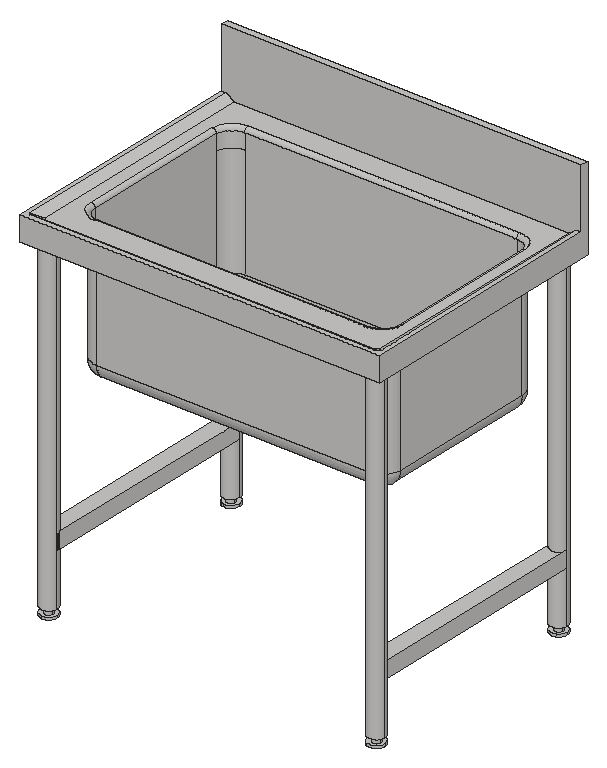
Revit family
Parameters (values of type "900 X 650 Center Single Bowl")
  Depth Of Bowl = 380 mm
  Width Of Bowl = 460 mm
  Length Of Bowl = 760 mm
  Waste Connection Radius = Waste Connection Diameter / 2  # 20 mm
  Waste Connection Diameter = 40 mm
  WFU = 0
  URL = "http://www.autospec.co.za/browse.php?id=1644179283"
  Product Code = "None"
  OmniClass Title = ""
  OmniClass Number = ""
  Modspec Classification = ""
  Specification = ""
  Location (revit room) = ""
  Material = Stainless Steel Grade 304
  Description = ""
  Colour = none
  Body Finish = none
  Splashback Height = 150 mm
  Width = 650 mm
  Model = "Pot Sink Single Bowl Series KP1-900 X 650"
  Manufacturer = "Kwikot"  # constant formula
  Length = 900 mm
  Height = 1050 mm
  Assembly Code = "E1090300"
Reference planes
  plane 1 "Center (Front/Back)": y = 0
  plane 2 "Bottom": z = 0
  plane 3 "Center (Left/Right)": x = 0
  plane 4 "Left": x = -450
  plane 5 "Right": x = 450
  plane 6 "Front": y = -650
  plane 7 "Top": z = 1050
  plane 8: z = 900
  plane 9: z = 840
  plane 10: z = 520
  plane 11: y = -320
  plane 12: x = -280
  plane 13: x = -375
  plane 14: x = 385
  plane 15: y = -90
  plane 16: y = -550
Forms (mm)
  Extrusion 1, solid, material "Stainless Steel Grade 304" <- "Material"
    sketch origin (-450, -491, 4000) x (0, -1, 0) y (0, 0, 1)
      loop
        line (-491, -3160) -> (159, -3160) -> (159, -3100) -> (-471, -3100) -> (-471, -2950) -> (-491, -2950) -> (-491, -3160)
    from 0 to -900
  Blend 2, void
    base sketch origin (-779.234, -1524, 900) x (0, -1, 0) y (1, 0, 0)
      loop
        arc (-891, 341.234) -> (-887.464, 342.698) -> (-886, 346.234) r 5
        line (-886, 346.234) -> (-886, 1212.234)
        arc (-886, 1212.234) -> (-887.464, 1215.769) -> (-891, 1217.234) r 5
        line (-891, 1217.234) -> (-1504, 1217.234) -> (-1504, 341.234) -> (-891, 341.234)
    top sketch origin (-779.234, -1524, 900) x (0, -1, 0) y (1, 0, 0)
      loop
        line (-1504, 361.234) -> (-911, 361.234)
        arc (-911, 361.234) -> (-907.464, 362.698) -> (-906, 366.234) r 5
        line (-906, 366.234) -> (-906, 1192.234)
        arc (-906, 1192.234) -> (-907.464, 1195.769) -> (-911, 1197.234) r 5
        line (-911, 1197.234) -> (-1504, 1197.234) -> (-1504, 361.234)
    from 0 to -12
  Extrusion 3, void
    sketch origin (-779.234, -1524, 840) x (0, -1, 0) y (-1, 0, 0)
      loop
        line (-1434, -444.234) -> (-1434, -1124.234)
        arc (-1434, -1124.234) -> (-1422.284, -1152.518) -> (-1394, -1164.234) r 40
        line (-1394, -1164.234) -> (-1014, -1164.234)
        arc (-1014, -1164.234) -> (-985.716, -1152.518) -> (-974, -1124.234) r 40
        line (-974, -1124.234) -> (-974, -444.234)
        arc (-974, -444.234) -> (-985.716, -415.949) -> (-1014, -404.234) r 40
        line (-1014, -404.234) -> (-1394, -404.234)
        arc (-1394, -404.234) -> (-1422.284, -415.949) -> (-1434, -444.234) r 40
    from 0 to -60
  Sweep 4, solid, material "Stainless Steel Grade 304" <- "Material"
    path origin (-779.234, -1524, 900) x (-1, 0, 0) y (0, -1, 0)
      loop
        line (-404.234, -1394) -> (-404.234, -1014)
        arc (-404.234, -1014) -> (-415.949, -985.716) -> (-444.234, -974) r 40
        line (-444.234, -974) -> (-1124.234, -974)
        arc (-1124.234, -974) -> (-1152.518, -985.716) -> (-1164.234, -1014) r 40
        line (-1164.234, -1014) -> (-1164.234, -1394)
        arc (-1164.234, -1394) -> (-1152.518, -1422.284) -> (-1124.234, -1434) r 40
        line (-1124.234, -1434) -> (-444.234, -1434)
        arc (-444.234, -1434) -> (-415.949, -1422.284) -> (-404.234, -1394) r 40
    profile origin (-375, -320, 900) x (1, 0, 0) y (0, 0, 1)
      loop
        line (0, -12) -> (-5, -12) -> (-5, -340)
        arc (-5, -340) -> (6.716, -368.284) -> (35, -380) r 40
        line (35, -380) -> (35, -375)
        arc (35, -375) -> (10.251, -364.749) -> (0, -340) r 35
        line (0, -340) -> (0, -12)
  Blend 5, solid, material "Stainless Steel Grade 304" <- "Material"
    base sketch origin (-779.234, -1524, 520) x (-1, 0, 0) y (0, -1, 0)
      loop
        circle (-499.234, -1204) r 26
    top sketch origin (-779.234, -1524, 520) x (-1, 0, 0) y (0, -1, 0)
      loop
        circle (-499.234, -1204) r 20
    from 0 to -5
  Extrusion 6, solid, material "Stainless Steel Grade 304" <- "Material"
    sketch origin (-779.234, -1524, 520) x (-1, 0, 0) y (0, -1, 0)
      loop
        arc (-439.234, -1014) -> (-440.698, -1010.464) -> (-444.234, -1009) r 5
        line (-444.234, -1009) -> (-1124.234, -1009)
        arc (-1124.234, -1009) -> (-1127.769, -1010.464) -> (-1129.234, -1014) r 5
        line (-1129.234, -1014) -> (-1129.234, -1394)
        arc (-1129.234, -1394) -> (-1127.769, -1397.536) -> (-1124.234, -1399) r 5
        line (-1124.234, -1399) -> (-444.234, -1399)
        arc (-444.234, -1399) -> (-440.698, -1397.536) -> (-439.234, -1394) r 5
        line (-439.234, -1394) -> (-439.234, -1014)
      loop
        circle (-499.234, -1204) r 26
    from 0 to 5
  Sweep 7, void
    path origin (-779.234, -1524, 900) x (-1, 0, 0) y (0, -1, 0)
      loop
        line (-404.234, -1394) -> (-404.234, -1014)
        arc (-404.234, -1014) -> (-415.949, -985.716) -> (-444.234, -974) r 40
        line (-444.234, -974) -> (-1124.234, -974)
        arc (-1124.234, -974) -> (-1152.518, -985.716) -> (-1164.234, -1014) r 40
        line (-1164.234, -1014) -> (-1164.234, -1394)
        arc (-1164.234, -1394) -> (-1152.518, -1422.284) -> (-1124.234, -1434) r 40
        line (-1124.234, -1434) -> (-444.234, -1434)
        arc (-444.234, -1434) -> (-415.949, -1422.284) -> (-404.234, -1394) r 40
    profile origin (-375, -320, 900) x (1, 0, 0) y (0, 0, 1)
      loop
        line (0, -12) -> (-10, -12)
        arc (-10, -12) -> (-2.929, -14.929) -> (0, -22) r 10
        line (0, -22) -> (0, -12)
  Extrusion 8, solid, material "Stainless Steel Grade 304" <- "Material"
    sketch origin (0, 0, 0) x (1, 0, 0) y (0, 1, 0)
      loop
        circle (-410, -610) r 21
      loop
        circle (-410, -40) r 21
      loop
        circle (410, -610) r 21
      loop
        circle (410, -40) r 21
    from 0 to 5
  Extrusion 9, solid, material "Stainless Steel Grade 304" <- "Material"
    sketch origin (0, 0, 0) x (1, 0, 0) y (0, 1, 0)
      loop
        circle (410, -610) r 10
      loop
        circle (-410, -610) r 10
      loop
        circle (-410, -40) r 10
      loop
        circle (410, -40) r 10
    from 5 to 20
  Extrusion 10, solid, material "Stainless Steel Grade 304" <- "Material"
    sketch origin (-779.234, -1524, 840) x (-1, 0, 0) y (0, -1, 0)
      loop
        circle (-1189.234, -1484) r 21
      loop
        circle (-369.234, -1484) r 21
      loop
        circle (-369.234, -914) r 21
      loop
        circle (-1189.234, -914) r 21
    from 0 to -820
  Extrusion 11, solid, material "Stainless Steel Grade 304" <- "Material"
    sketch origin (0, 0, 0) x (1, 0, 0) y (0, 1, 0)
      loop
        line (-431, -40) -> (-431, -610)
        arc (-431, -610) -> (-410, -589) -> (-389, -610) r 21
        line (-389, -610) -> (-389, -40)
        arc (-389, -40) -> (-410, -61) -> (-431, -40) r 21
      loop
        line (431, -610) -> (431, -40)
        arc (431, -40) -> (410, -61) -> (389, -40) r 21
        line (389, -40) -> (389, -610)
        arc (389, -610) -> (410, -589) -> (431, -610) r 21
    from 150 to 190
Cuts and joins
  Blend 2, Extrusion 3, Sweep 7 cuts Extrusion 1
  Sweep 7 cuts Sweep 4
  Sweep 7 cuts Extrusion 6
  joined: Extrusion 1, Sweep 4, Extrusion 6
Lines and regions (mm)
  symbolic lines
    curve 1: line (-450, 0, 750) -> (-450, -650, 750)
    curve 2: line (450, 0, 750) -> (-450, 0, 750)
    curve 3: line (450, -650, 750) -> (450, 0, 750)
    curve 4: line (-450, -650, 750) -> (450, -650, 750)
    curve 5: line (-450, -20, 750) -> (450, -20, 750)
    curve 6: line (-438, -633, 1050) -> (-438, -20, 1050)
    curve 7: arc (-433, -638, 1050) -> (-436.536, -636.536, 1050) -> (-438, -633, 1050) r 5
    curve 8: line (433, -638, 1050) -> (-433, -638, 1050)
    curve 9: line (-418, -20, 1050) -> (-418, -613, 1050)
    curve 10: arc (-418, -613, 1050) -> (-416.536, -616.536, 1050) -> (-413, -618, 1050) r 5
    curve 11: line (-413, -618, 1050) -> (413, -618, 1050)
    curve 12: arc (413, -618, 1050) -> (416.536, -616.536, 1050) -> (418, -613, 1050) r 5
    curve 13: line (418, -613, 1050) -> (418, -20, 1050)
    curve 14: arc (438, -633, 1050) -> (436.536, -636.536, 1050) -> (433, -638, 1050) r 5
    curve 15: line (438, -20, 1050) -> (438, -633, 1050)
    curve 16: line (345, -550, 1050) -> (-335, -550, 1050)
    curve 17: arc (-335, -550, 1050) -> (-363.284, -538.284, 1050) -> (-375, -510, 1050) r 40
    curve 18: line (-375, -510, 1050) -> (-375, -130, 1050)
    curve 19: arc (-375, -130, 1050) -> (-363.284, -101.716, 1050) -> (-335, -90, 1050) r 40
    curve 20: line (-335, -90, 1050) -> (345, -90, 1050)
    curve 21: arc (345, -90, 1050) -> (373.284, -101.716, 1050) -> (385, -130, 1050) r 40
    curve 22: line (385, -130, 1050) -> (385, -510, 1050)
    curve 23: arc (385, -510, 1050) -> (373.284, -538.284, 1050) -> (345, -550, 1050) r 40
  symbolic lines, detail levels fine
    curve 24: arc (-254, -320, 1050) -> (-280, -346, 1050) -> (-306, -320, 1050) r 26
    curve 25: arc (-306, -320, 1050) -> (-280, -294, 1050) -> (-254, -320, 1050) r 26
Dimensions and locks
  equal spacing: plane 4 "Left", plane 3 "Center (Left/Right)", plane 5 "Right"
  "Length": plane 4 "Left" to plane 5 "Right"
  "Width": plane 1 "Center (Front/Back)" to plane 6 "Front"
  "Height": plane 7 "Top" to level
  "Splashback Height": plane 7 "Top" to plane 8
  Blend 2 sketch curve to plane 6 "Front" = 12 mm
  plane 11 to plane 1 "Center (Front/Back)" = 320 mm
  Blend 2 sketch curve to var sketch = 20 mm  (x2)
  var sketch to Blend 2 sketch curve = 20 mm
  "Depth Of Bowl": plane 8 to plane 10
  plane 4 "Left" to plane 12 = 170 mm
  "Length Of Bowl": plane 13 to plane 14
  "Width Of Bowl": plane 15 to plane 16
  plane 14 to plane 5 "Right" = 65 mm
  plane 8 to plane 9 = 60 mm
  plane 4 "Left" to Extrusion 8 sketch curve = 40 mm  (x2)
  Extrusion 8 sketch curve to plane 6 "Front" = 40 mm  (x2)
  Extrusion 8 sketch curve to plane 1 "Center (Front/Back)" = 40 mm  (x2)
  Extrusion 8 sketch curve to plane 5 "Right" = 40 mm  (x2)
  Extrusion 9 sketch curve to plane 1 "Center (Front/Back)" = 40 mm  (x2)
  plane 4 "Left" to Extrusion 9 sketch curve = 40 mm  (x2)
  Extrusion 9 sketch curve to plane 6 "Front" = 40 mm  (x2)
  Extrusion 9 sketch curve to plane 5 "Right" = 40 mm  (x2)
  Extrusion 11 to plane 2 "Bottom" = 150 mm
  equal spacing: plane 15, plane 11, plane 16
  radius of Extrusion 3 sketch curve = 40 mm  (x4)
  radius of Extrusion 6 sketch curve = 26 mm
  "Waste Connection Radius": radius of Blend 5 sketch curve
  radius of Extrusion 8 sketch curve = 21 mm  (x4)
  radius of Extrusion 9 sketch curve = 10 mm  (x4)
  aligned and locked: level to plane 2 "Bottom"
  aligned and locked: Extrusion 1 sketch curve to plane 9
  aligned and locked: Extrusion 1 sketch curve to plane 1 "Center (Front/Back)"
  aligned and locked: plane 8 to Extrusion 1 sketch curve
  aligned and locked: Extrusion 1 sketch curve to plane 6 "Front"
  aligned and locked: plane 7 "Top" to Extrusion 1 sketch curve
  aligned and locked: plane 4 "Left" to Extrusion 1
  aligned and locked: Extrusion 1 to plane 5 "Right"
  aligned and locked: var sketch to Blend 2 sketch curve
  aligned and locked: plane 8 to Extrusion 3
  aligned and locked: Extrusion 3 to plane 9
  aligned and locked: Sweep 4 sketch curve to cut or joined group of Extrusion 1, Blend 2, Extrusion 3, Sweep 4, Extrusion 6, Sweep 7  (x6)
  aligned and locked: curve 7 to cut or joined group of Extrusion 1, Blend 2, Extrusion 3, Sweep 4, Extrusion 6, Sweep 7
  aligned and locked: curve 9 to cut or joined group of Extrusion 1, Blend 2, Extrusion 3, Sweep 4, Extrusion 6, Sweep 7
  aligned and locked: curve 10 to cut or joined group of Extrusion 1, Blend 2, Extrusion 3, Sweep 4, Extrusion 6, Sweep 7
  aligned and locked: curve 12 to cut or joined group of Extrusion 1, Blend 2, Extrusion 3, Sweep 4, Extrusion 6, Sweep 7
  aligned and locked: curve 14 to cut or joined group of Extrusion 1, Blend 2, Extrusion 3, Sweep 4, Extrusion 6, Sweep 7
  aligned and locked: curve 15 to cut or joined group of Extrusion 1, Blend 2, Extrusion 3, Sweep 4, Extrusion 6, Sweep 7
  aligned and locked: curve 17 to cut or joined group of Extrusion 1, Blend 2, Extrusion 3, Sweep 4, Extrusion 6, Sweep 7
  aligned and locked: curve 19 to cut or joined group of Extrusion 1, Blend 2, Extrusion 3, Sweep 4, Extrusion 6, Sweep 7
  aligned and locked: curve 21 to cut or joined group of Extrusion 1, Blend 2, Extrusion 3, Sweep 4, Extrusion 6, Sweep 7
  aligned and locked: curve 23 to cut or joined group of Extrusion 1, Blend 2, Extrusion 3, Sweep 4, Extrusion 6, Sweep 7
  aligned and locked: plane 11 to Blend 5 sketch curve
  aligned and locked: plane 12 to Blend 5 sketch curve
  aligned and locked: plane 10 to Blend 5
  aligned and locked: plane 10 to Sweep 4 sketch curve
  aligned and locked: Extrusion 6 sketch curve to cut or joined group of Extrusion 1, Blend 2, Extrusion 3, Sweep 4, Extrusion 6, Sweep 7  (x4)
  aligned and locked: plane 11 to Extrusion 6 sketch curve
  aligned and locked: plane 12 to Extrusion 6 sketch curve
  aligned and locked: Blend 5 sketch curve to cut or joined group of Extrusion 1, Blend 2, Extrusion 3, Sweep 4, Extrusion 6, Sweep 7  (x2)
  aligned and locked: plane 14 to Extrusion 3 sketch curve
  aligned and locked: plane 13 to Extrusion 3 sketch curve
  aligned and locked: Extrusion 3 sketch curve to plane 15
  aligned and locked: plane 16 to Extrusion 3 sketch curve
  aligned and locked: Sweep 7 sketch curve to cut or joined group of Extrusion 1, Blend 2, Extrusion 3, Sweep 4, Extrusion 6, Sweep 7  (x4)
  aligned and locked: profile plane to Sweep 7 sketch curve
  aligned and locked: cut or joined group of Extrusion 1, Blend 2, Extrusion 3, Sweep 4, Extrusion 6, Sweep 7 to Sweep 7 sketch curve
  aligned and locked: Extrusion 8 to plane 2 "Bottom"
  aligned and locked: Extrusion 9 to Extrusion 8
  aligned and locked: Extrusion 10 sketch curve to Extrusion 8  (x8)
  aligned and locked: Extrusion 11 sketch curve to Extrusion 10  (x4)
Automatic sketch dimensions
  plane 6 "Front" to Blend 2 sketch curve = 17 mm
  Blend 2 sketch curve to Blend 2 sketch curve = 5 mm  (x2)
  Blend 2 sketch curve to plane 4 "Left" = 12 mm
  plane 5 "Right" to Blend 2 sketch curve = 17 mm
  Blend 2 sketch curve to plane 4 "Left" = 37 mm
  plane 1 "Center (Front/Back)" to Extrusion 1 sketch curve = 20 mm
  plane 1 "Center (Front/Back)" to Blend 2 sketch curve = 20 mm
  plane 1 "Center (Front/Back)" to curve 2 = 0 mm
  curve 2 to plane 5 "Right" = 0 mm
  curve 1 to plane 4 "Left" = 0 mm
  curve 1 to plane 6 "Front" = 0 mm
  curve 1 to curve 5 = 20 mm
  plane 1 "Center (Front/Back)" to curve 6 = 20 mm
  curve 6 to curve 9 = 0 mm
  plane 1 "Center (Front/Back)" to curve 13 = 20 mm
  plane 1 "Center (Front/Back)" to curve 15 = 20 mm
  curve 24 to curve 25 = 0 mm  (x2)
  curve 24 to plane 11 = 0 mm
  curve 25 to plane 12 = 0 mm
  curve 24 to plane 12 = 26 mm
  Sweep 4 sketch curve to Sweep 4 sketch curve = 0 mm
  profile plane to Sweep 4 sketch curve = 5 mm
  Sweep 4 sketch curve to Sweep 4 sketch curve = 35 mm
  profile plane to Sweep 7 sketch curve = 10 mm
  Sweep 7 sketch curve to Sweep 7 sketch curve = 0 mm  (x2)
  Sweep 7 sketch curve to Sweep 7 sketch curve = 10 mm
  profile plane to Sweep 7 sketch curve = 0 mm
Connectors
  piping at (-280, -320, 515), driven by "Waste Connection Radius", driven by "WFU"
    settings: on Blend 5, index 1, connector radius 20 mm, flow factor 0, pipe flow 0.0 L/s, pressure drop 0.0 Pa, fitting loss kfactor 0, connector angle 0.00°, fixture units 0, flow configuration 3, flow direction 2, fitting loss method 0, system type 16, connector reference index -1, connector utility 0, adjustable connector no, is connector primary yes, fitting loss table "", connector description "Waste Connection"
